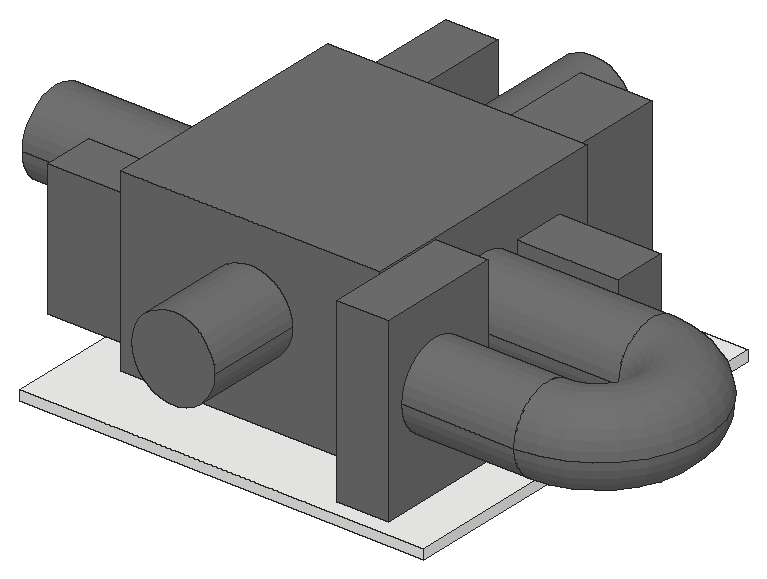
Revit family "v-180sz5(-n)_50Hz", category 機械設備, Revit 2019
Family settings
  丸型コネクタ寸法 = 直径を使用
  パーツ タイプ = 標準
  OmniClass 番号 = 23.75.35.17.27
  OmniClass タイトル = Centrifugal Fans
  作業面ベース = いいえ
  常に垂直 = はい
  ロード時にボイドで切り取り = いいえ
  共有 = いいえ
  部屋計算ポイント = はい
Parameters (values of type "V-180SZU5-N")
  騒音レベル(dB(A)) [instance] = 49
  風量 [instance] = 225.0 m³/h
  電源種別 [instance] = ""
  電圧 = 100 V
  電動機出力 = 0 W
  電動機_種別 [instance] = ""
  運転質量 = 0.00 kg
  連動 [instance] = ""
  質量 = if(製品質量 > 運転質量, 製品質量, 運転質量) * 1.2  # 8.40 kg
  負荷分類 = 3_ファン類
  説明 = "エアフロー環気システム サニタリー換気ユニット 天井埋込形"
  設計風量 [instance] = 0.0 m³/h
  設置方法 = "天埋"
  記号 [instance] = ""
  製造元 = "三菱電機株式会社"
  製品質量 = 7.00 kg
  製品出荷対象 = "国内"
  製品リリース年月 = "2022年6月1日"
  製品グループ = ""
  系統 [instance] = ""
  符号 [instance] = ""
  積算_科目 = "2 換気設備"
  積算_拾い区分 [instance] = ""
  相 = 1
  盤記号 [instance] = ""
  発停方法 [instance] = ""
  特殊仕様 [instance] = ""
  点検口 = yes
  火災停止 [instance] = ""
  消費電力 = 48 W
  法定耐用年数 = "15"
  機外静圧 [instance] = 178.0 Pa
  極数 = 2
  材質 [instance] = ""
  操作・制御方式 = ""
  操作・制御スイッチ = ""
  排気量 [instance] = 0.0 m³/h
  形式 = ""
  幹線記号 [instance] = ""
  対象室 [instance] = ""
  実風量 [instance] = 0.0 m³/h
  始動方式 [instance] = "直入"
  外気量 [instance] = 0.0 m³/h
  呼称 = ""
  周波数 = 50 Hz
  参照している仕様書等のバージョン = ""
  分類コード = "50052503100050"
  分類グループ = ""
  価格 = 109800
  企業コード = "108420"
  付属品_防振装置 = ""
  付属品 [instance] = ""
  仕様書バージョン = "Version1.0"
  モデル = "V-180SZU5-N"
  マテリアル = 合成樹脂(黒)
  ファンの種類 = ""
  ダクト径 = 100 mm
  コメント [instance] = ""
  Keynote = ""
  カバーマテリアル = 合成樹脂(白)
  Width = 304 mm
  W3 = Width / 2  # 152 mm
  W2 = 110 mm
  W1 = 475 mm
  Version = ""
  Uniclass2015Version = "Systems v1.9"
  Uniclass2015Title = "Centrifugal fans"
  Uniclass2015Code = "Pr_65_67_29_12"
  URL = "https://www.mitsubishielectric.co.jp/ldg/wink/ssl/displayProduct.do?pid=320480"
  SpecificationReference = ""
  SpecificationDescription = ""
  Revision = ""
  RAサイズ_D = 98 mm
  ProductInformation = ""
  OmniClassCode = "23-33 31 19 11 15"
  MIN風量 = 60.0 m³/h
  MIN静圧 = 12.5 Pa
  MID風量 = 0.0 m³/h
  MID静圧 = 0.0 Pa
  MAX風量 = 225.0 m³/h
  MAX静圧 = 178.0 Pa
  IfcTypeProduct = ""
  IfcProduct = ""
  IfcExportType = "PROPELLORAXIAL"
  IfcExportAs = "IfcFanType"
  Height = 211 mm
  H2 = 198 mm
  H1 = 12 mm
  Panel_W = 35 mm
  Gril_Width = 61 mm
  Gril_W = 155 mm
  Gril_Depth = 146 mm
  Gril_D = 73 mm
  EAサイズ_D = 98 mm
  Duct_RA_W1 = 113 mm
  Duct_RA_Depth2 = 322 mm
  Duct_RA_Depth1 = 198 mm
  Duct_H = 116 mm
  Duct_EA_Depth = 113 mm
  Depth = 304 mm
  D2 = 120 mm
  D1 = 475 mm
  Cover_Width = 132 mm
  Author = "三菱電機株式会社"
Reference planes
  plane 1 "中心(正面/背面)": y = 0
  plane 2: z = 0
  plane 3 "中心(左/右)": x = 0
  plane 4: x = -202.5
  plane 5: x = 272.5
  plane 6: y = 237.5
  plane 7: y = -237.5
  plane 8: x = -152
  plane 9: x = 152
  plane 10: y = 152
  plane 11: y = -152
  plane 12: y = -265
  plane 13: z = 211
  plane 14: z = -12
  plane 15: z = 116
  plane 16: y = 350
  plane 17: x = -110
  plane 18: x = 132
  plane 19: y = 272
  plane 20: z = 198
  plane 21: x = -76
  plane 22: x = 76
  plane 23: y = 110
  plane 24: y = -110
  plane 25: x = 474
  plane 26: x = -350
  plane 27: x = 272
  plane 28: x = -272
  plane 29: z = 165
  plane 30: z = 67
  plane 31: x = -49
  plane 32: x = 49
  plane 33: y = 49
  plane 34: y = -49
  plane 35: y = -152
  plane 36: x = 216
  plane 37: x = 155
  plane 38: y = -219
  plane 39: y = -73
  plane 40: x = 35
Forms (mm)
  Extrusion 1, solid, material "合成樹脂(黒)" <- "マテリアル", detail levels fine
    sketch origin (0, 0, 0) x (1, 0, 0) y (0, 1, 0)
      loop
        line (-152, 152) -> (-152, -152) -> (152, -152) -> (152, 152) -> (-152, 152)
    from 0 to 211
  Extrusion 2, solid, material "合成樹脂(白)" <- "カバーマテリアル", detail levels fine
    sketch origin (0, 0, 0) x (1, 0, 0) y (0, 1, 0)
      loop
        line (-202.5, 237.5) -> (-202.5, -237.5) -> (272.5, -237.5) -> (272.5, 237.5) -> (-202.5, 237.5)
    from 0 to -12
  Extrusion 3, solid, material "合成樹脂(黒)" <- "マテリアル", detail levels fine
    sketch origin (0, 0, 0) x (1, 0, 0) y (0, 0, 1)
      loop
        circle (0, 116) r 49
    from 152 to 265
  Extrusion 4, solid, material "合成樹脂(黒)" <- "マテリアル", detail levels fine
    sketch origin (0, 0, 0) x (1, 0, 0) y (0, 0, 1)
      loop
        circle (0, 116) r 49
    from -350 to -152
  Extrusion 5, solid, material "合成樹脂(黒)" <- "マテリアル", detail levels fine
    sketch origin (0, 0, 0) x (1, 0, 0) y (0, 1, 0)
      loop
        line (132, 272) -> (49, 272) -> (49, 152) -> (132, 152) -> (132, 272)
    from 0 to 198
  Extrusion 6, solid, material "合成樹脂(黒)" <- "マテリアル", detail levels fine
    sketch origin (0, 0, 0) x (1, 0, 0) y (0, 1, 0)
      loop
        line (-110, 152) -> (-49, 152) -> (-49, 272) -> (-110, 272) -> (-110, 152)
    from 0 to 198
  Extrusion 7, solid, material "合成樹脂(黒)" <- "マテリアル", detail levels fine
    sketch origin (0, 0, 0) x (0, 1, 0) y (0, 0, 1)
      loop
        circle (0, 116) r 49
    from -350 to -152
  Extrusion 8, solid, material "合成樹脂(黒)" <- "マテリアル", detail levels fine
    sketch origin (0, 0, 0) x (1, 0, 0) y (0, 1, 0)
      loop
        line (-272, -110) -> (-152, -110) -> (-152, -49) -> (-272, -49) -> (-272, -110)
    from 0 to 157
  Extrusion 9, solid, material "合成樹脂(黒)" <- "マテリアル", detail levels fine
    sketch origin (0, 0, 0) x (1, 0, 0) y (0, 1, 0)
      loop
        line (272, 49) -> (272, 110) -> (152, 110) -> (152, 49) -> (272, 49)
    from 0 to 157
  Extrusion 10, solid, material "合成樹脂(黒)" <- "マテリアル"
    sketch origin (0, 0, 0) x (1, 0, 0) y (0, 1, 0)
      loop
        line (216, -219) -> (216, -73) -> (155, -73) -> (155, -219) -> (216, -219)
    from 0 to 211
  Sweep 11, solid, material "合成樹脂(黒)" <- "マテリアル"
    path origin (0, 0, 0) x (1, 0, 0) y (0, 1, 0)
      loop
        line (152, 0) -> (349, 0)
        arc (349, 0) -> (425, -76) -> (349, -152) r 76
        line (349, -152) -> (216, -152)
    profile origin (250.5, 0, 0) x (0, 1, 0) y (0, 0, 1)
      loop
        circle (0, 116) r 49
Lines and regions (mm)
  Masking region 1, detail levels coarse+medium
    outline origin (3517.908, 55.806, 0) x (1, 0, 0) y (0, 1, 0)
      loop
        line (-3669.908, 96.194) -> (-3669.908, -207.806) -> (-3365.908, -207.806) -> (-3365.908, 96.194) -> (-3669.908, 96.194)
  symbolic lines, detail levels coarse+medium
    curve 1: circle (-76, 0, 0) r 76 normal (0, 0, 1)
    curve 2: circle (76, 0, 0) r 76 normal (0, 0, 1)
Dimensions and locks
  "W1": plane 4 to plane 5
  equal spacing: plane 6, plane 1 "中心(正面/背面)", plane 7
  "D1": plane 6 to plane 7
  equal spacing: plane 8, plane 3 "中心(左/右)", plane 9
  "Width": plane 8 to plane 9
  equal spacing: plane 10, plane 1 "中心(正面/背面)", plane 11
  "Depth": plane 10 to plane 11
  "Duct_EA_Depth": plane 11 to plane 12
  "Height": plane 13 to plane 2
  "Duct_H": plane 15 to plane 2
  "H1": plane 2 to plane 14
  "Duct_RA_Depth1": plane 16 to plane 10
  "W2": plane 17 to plane 3 "中心(左/右)"
  "Cover_Width": plane 3 "中心(左/右)" to plane 18
  "D2": plane 19 to plane 10
  "H2": plane 20 to level
  equal spacing: plane 8, plane 21, plane 3 "中心(左/右)"
  equal spacing: plane 3 "中心(左/右)", plane 22, plane 9
  "W2": plane 23 to plane 1 "中心(正面/背面)"
  "W2": plane 1 "中心(正面/背面)" to plane 24
  "Duct_RA_Depth1": plane 26 to plane 8
  "Duct_RA_Depth2": plane 9 to plane 25
  "D2": plane 28 to plane 8
  "D2": plane 9 to plane 27
  equal spacing: plane 29, plane 15, plane 30
  "EAサイズ_D": plane 29 to plane 30
  equal spacing: plane 31, plane 3 "中心(左/右)", plane 32
  "EAサイズ_D": plane 31 to plane 32
  equal spacing: plane 34, plane 1 "中心(正面/背面)", plane 33
  "RAサイズ_D": plane 33 to plane 34
  "Gril_Width": plane 37 to plane 36
  "Gril_W": plane 3 "中心(左/右)" to plane 37
  "Gril_Depth": plane 38 to plane 39
  "Gril_D": plane 39 to plane 1 "中心(正面/背面)"
  "Duct_RA_W1": plane 35 to plane 12
  "Panel_W": plane 3 "中心(左/右)" to plane 40
  equal spacing: plane 4, plane 40, plane 5
  "EAサイズ_D": diameter of Extrusion 3 sketch curve
  "RAサイズ_D": diameter of Extrusion 4 sketch curve
  "RAサイズ_D": diameter of Extrusion 7 sketch curve
  "RAサイズ_D": diameter of Sweep 11 sketch curve
  "W3": diameter of curve 1
  "W3": diameter of curve 2
  aligned and locked: level to plane 2
  aligned and locked: plane 5 to Extrusion 2
  aligned and locked: plane 6 to Extrusion 2
  aligned and locked: Extrusion 2 to plane 4
  aligned and locked: Extrusion 2 to plane 7
  aligned and locked: plane 9 to Extrusion 1
  aligned and locked: Extrusion 1 to plane 11
  aligned and locked: Extrusion 1 to plane 8
  aligned and locked: plane 10 to Extrusion 1
  aligned and locked: plane 13 to Extrusion 1
  aligned and locked: Extrusion 2 to plane 14
  aligned and locked: level to Extrusion 2
  aligned and locked: Extrusion 1 to level
  aligned and locked: Extrusion 3 to plane 12
  aligned and locked: plane 11 to Extrusion 3
  aligned and locked: Masking region 1 to plane 8
  aligned and locked: plane 9 to Masking region 1
  aligned and locked: Masking region 1 to plane 11
  aligned and locked: plane 10 to Masking region 1
  aligned and locked: plane 16 to Extrusion 4
  aligned and locked: Extrusion 4 to plane 10
  aligned and locked: plane 19 to Extrusion 5 sketch curve
  aligned and locked: plane 18 to Extrusion 5 sketch curve
  aligned and locked: Extrusion 5 sketch curve to plane 10
  aligned and locked: Extrusion 6 sketch curve to plane 10
  aligned and locked: Extrusion 6 sketch curve to plane 17
  aligned and locked: plane 19 to Extrusion 6 sketch curve
  aligned and locked: Extrusion 7 to plane 26
  aligned and locked: plane 8 to Extrusion 7
  aligned and locked: Extrusion 8 sketch curve to plane 24
  aligned and locked: plane 28 to Extrusion 8 sketch curve
  aligned and locked: plane 8 to Extrusion 8 sketch curve
  aligned and locked: Extrusion 9 sketch curve to plane 27
  aligned and locked: Extrusion 9 sketch curve to plane 23
  aligned and locked: plane 9 to Extrusion 9 sketch curve
  aligned and locked: Extrusion 5 to plane 32
  aligned and locked: plane 31 to Extrusion 6
  aligned and locked: Extrusion 9 to plane 33
  aligned and locked: Extrusion 8 to plane 34
  aligned and locked: Extrusion 9 to plane 2
  aligned and locked: Extrusion 8 to plane 2
  aligned and locked: Extrusion 6 to plane 2
  aligned and locked: Extrusion 10 to plane 37
  aligned and locked: plane 38 to Extrusion 10
  aligned and locked: plane 36 to Extrusion 10
  aligned and locked: Extrusion 10 to plane 39
  aligned and locked: Extrusion 10 to plane 2
  aligned and locked: plane 13 to Extrusion 10
  aligned and locked: plane 20 to Extrusion 5
  aligned and locked: plane 20 to Extrusion 6
Automatic sketch dimensions
  Extrusion 1 sketch curve to plane 8 = 0 mm
  Extrusion 1 sketch curve to plane 9 = 0 mm
  Extrusion 1 sketch curve to plane 11 = 0 mm
  Extrusion 1 sketch curve to plane 10 = 0 mm
  Extrusion 2 sketch curve to plane 4 = 0 mm
  Extrusion 2 sketch curve to plane 5 = 0 mm
  Extrusion 2 sketch curve to plane 7 = 0 mm
  Extrusion 2 sketch curve to plane 6 = 0 mm
  Masking region 1 sketch curve to plane 6 = 389.5 mm
  Masking region 1 sketch curve to Masking region 1 sketch curve = 304 mm
  Extrusion 3 sketch curve to plane 3 "中心(左/右)" = 0 mm
  Extrusion 3 sketch curve to plane 15 = 0 mm
  Extrusion 4 sketch curve to plane 3 "中心(左/右)" = 0 mm
  Extrusion 4 sketch curve to plane 15 = 0 mm
  Extrusion 7 sketch curve to plane 1 "中心(正面/背面)" = 0 mm
  Extrusion 7 sketch curve to plane 15 = 0 mm
  plane 3 "中心(左/右)" to Extrusion 5 sketch curve = 49 mm
  Extrusion 6 sketch curve to plane 3 "中心(左/右)" = 49 mm
  Extrusion 9 sketch curve to plane 1 "中心(正面/背面)" = 49 mm
  Extrusion 8 sketch curve to plane 34 = 0 mm
  Extrusion 10 sketch curve to plane 37 = 0 mm
  Extrusion 10 sketch curve to plane 36 = 0 mm
  plane 38 to Extrusion 10 sketch curve = 0 mm
  plane 39 to Extrusion 10 sketch curve = 0 mm
  Sweep 11 sketch curve to profile plane = 0 mm
  level to Sweep 11 sketch curve = 116 mm
  plane 1 "中心(正面/背面)" to curve 1 = 0 mm
  curve 1 to plane 21 = 0 mm
  plane 1 "中心(正面/背面)" to curve 2 = 0 mm
  curve 2 to plane 22 = 0 mm
  Sweep 11 sketch curve to plane 9 = 0 mm
  Sweep 11 sketch curve to plane 36 = 0 mm
  plane 1 "中心(正面/背面)" to Sweep 11 sketch curve = 0 mm
  Sweep 11 sketch curve to plane 11 = 0 mm
  plane 27 to Sweep 11 sketch curve = 77 mm
  Masking region 1 sketch curve to plane 10 = 0 mm
  Masking region 1 sketch curve to plane 8 = 0 mm
Connectors
  hvac at (0, -265, 116), driven by "ダクト径", driven by "風量", driven by "機外静圧"
    settings: on Extrusion 3, index 1, duct flow 225.0 m³/h, flow factor 0, pres drop 178.0 Pa, loss coef 0, conn angle 0.00°, conn width 304.8 mm, conn height 304.8 mm, conn diameter 100 mm, duct sys type 3, conn prof type 0, flow config 0, flow direction 2, loss method 4, conn ref index -1, conn util no, is conn primary yes, conn desc ""
  hvac at (0, 350, 116), driven by "ダクト径", driven by "機外静圧", driven by "風量"
    settings: on Extrusion 4, index 4, duct flow 225.0 m³/h, flow factor 0, pres drop 178.0 Pa, loss coef 0, conn angle 0.00°, conn width 304.8 mm, conn height 304.8 mm, conn diameter 100 mm, duct sys type 2, conn prof type 0, flow config 0, flow direction 2, loss method 4, conn ref index -1, conn util no, is conn primary no, conn desc ""
  hvac at (-350, 0, 116), driven by "ダクト径", driven by "機外静圧", driven by "風量"
    settings: on Extrusion 7, index 5, duct flow 225.0 m³/h, flow factor 0, pres drop 178.0 Pa, loss coef 0, conn angle 0.00°, conn width 304.8 mm, conn height 304.8 mm, conn diameter 100 mm, duct sys type 2, conn prof type 0, flow config 0, flow direction 2, loss method 4, conn ref index -1, conn util no, is conn primary no, conn desc ""
  electrical at (90.5, 212, 0), driven by "極数", driven by "負荷分類", driven by "電圧", driven by "消費電力"
    settings: on Extrusion 5, index 7, voltage 100 V, apparent load 48 VA, apparent load phase1 0 VA, apparent load phase2 0 VA, apparent load phase3 0 VA, power factor 1, load classification "3_ファン類", number of poles 2, system type 30, power factor state 1, is connector primary yes, connector utility no, sub classification motor no, connector description ""
